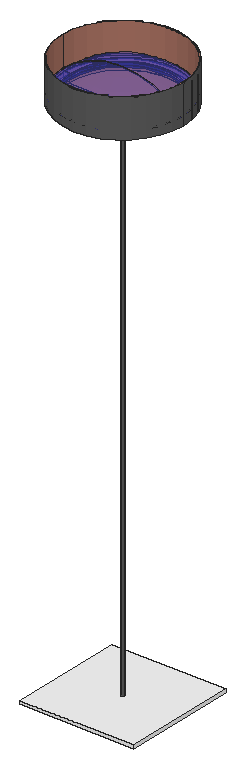
Revit family "BE_51002.6_de_DE", category Leuchten, Revit 2020
Family settings
  Basisbauteil = Fläche
  Bemaßung runder Anschluss = Durchmesser verwenden
  Teiletyp = Normal
  Beim Laden mit Abzugskörper schneiden = Ja
  Lichtquelle = Ja
  Gemeinsam genutzt = Nein
  Raumberechnungspunkt = Ja
Parameters (values of type "BEGA_51002.6_K3")
  built-in parameter 1150104 = 11.757 (stored number, unit not read)
  Wattage = 43.5 W
  Default Elevation = 0 mm
  built-in parameter 1150113 = 1 (stored number, unit not read)
  built-in parameter 1114218 = 1 (stored number, unit not read)
  Umgebungstemperatur = "25 °C"
  URL = "https://www.bega.com/de/produkt/51002.6"
  Typenkommentare = "© 2022 BEGA. Wir behalten uns das Recht vor, technische Änderungen ohne vorherige Ankündigung vorzunehmen."  # constant formula
  built-in parameter 1150134 = (empty or 0)
  built-in parameter 1150109 = 1 (stored number, unit not read)
  Strom = ""
  built-in parameter 1150110 = 1 (stored number, unit not read)
  Spannung = 239.996 V
  Sonderanfertigung = no
  Seriennummer [instance] = "Hier können Sie die eindeutige Seriennummer für das Facility Management eintragen."
  Schutzklasse = "I"
  Schutzart = "IP 20"
  Scheinlast = 0 VA
  Produktdatenblatt = "https://cdn.bega.com/bega/products/51002.6K3/current/documents/data-sheets/de"
  Oberflächentemperatur = ""
  Neigungswinkel = 0.00°
  Modell = "51002.6K3"
  Material_35 = BEGA_Oberfläche_Samtschwarz_matt
  Material_29 = BEGA_Oberfläche_Kupfer_matt
  Material_17 = BEGA_Reflektor
  Material_15 = BEGA_Leuchtmedium_matt
  Material_14 = BEGA_Kunststoff_opal
  Material_11 = BEGA_Glas_opal
  Material_09 = BEGA_Glas_klar
  Material_06 = BEGA_Oberfläche_Edelstahl_gebürstet
  Material_03 = BEGA_Oberfläche_Weiss_matt
  Material_02 = BEGA_Oberfläche_Silber_matt
  Material_01 [instance] = BEGA_Oberfläche_Grafit_matt
  M_W = no
  M_G = no
  M_A = no
  Logo = 0
  built-in parameter 1114217 = 1 (stored number, unit not read)
  built-in parameter 1150139 = (empty or 0)
  built-in parameter 1150105 = 438.07 (stored number, unit not read)
  built-in parameter 1150114 = 1 (stored number, unit not read)
  Lumens = 5504.93 lm
  built-in parameter 1150115 = 1 (stored number, unit not read)
  Leuchtenlichtstrom = "3247 lm"
  Leuchtenanzahl = ""
  Lebensdauerkriterien = "L70B50 @ 25 °C = 200000 h"
  Lastklassifizierung = Beleuchtung
  built-in parameter 1150112 = 1 (stored number, unit not read)
  Lampenlichtstrom = "6435 lm"
  Lampe = "LED 42.6 W"
  LED_Modulbezeichnung = "LED-0630/930"
  Hersteller = "BEGA"  # constant formula
  Halbstreuwinkel = ""
  Gewicht = "5.2 kg"
  Gebrauchslageneinschränkung [instance] = ""
  Frequenz = "0/50-60 Hz"
  Farbwiedergabeindex = "CRI > 90"
  Farbtemperaturverschiebung bei Dämpfen der Lampe = <Keine Auswahl>
  Farbtemperatur = "3000 K"
  Color Filter = 16777215
  built-in parameter 1150133 = 10 (stored number, unit not read)
  Energieeffizienzklasse = "LED A++ - A"
  built-in parameter 1150137 = (empty or 0)
  built-in parameter 1150132 = (empty or 0)
  ENEC = "ja"
  Dimmbar [instance] = "BLE / Zigbee --> DALI"
  Datei für fotometrisches Netz = "BE_51002.6K3.IES"
  CE_Konformität = "ja"
  Bestellnummer = "51002.6K3"
  Beschreibung_Sonderanfertigung = "Hier können Sie Informationen zur Sonderanfertigung eintragen."
  Beschreibung = "Systempendelleuchte"
  built-in parameter 1150106 = 4.3807 (stored number, unit not read)
  Befestigungsbohrung = ""
  Befestigungsabstand = ""
  Ballwurfsicher = ""
  BEGA_Intern_aus = yes
  BEGA_Intern_an = yes
  BEGA_Intern_Konstruktion = yes
  BEGA_Intern = yes
  BEGA_IES = yes
  BEGA_Dummy = no
  Anschlussleitung = ""
  Anschlussleistung [instance] = "47.4 W"
  Anschlusskasten = ""
  built-in parameter 1150107 = 3000 (stored number, unit not read)
  built-in parameter 1150102 = (empty or 0)
  built-in parameter 1150138 = (empty or 0)
  Aktualisierung = "2022-05-19T04:00:07"
  Abstand_zur_angestrahlten_Fläche [instance] = ""
  AC/DC = "AC/DC"
Reference planes
  plane 1 "Mitte (Vorne/Hinten)": y = 0
  plane 2: z = 0
  plane 3 "Mitte (Links/Rechts)": x = 0
  plane 4 "Links": x = -213.964
  plane 5 "Rechts": x = 213.964
  plane 6 "Unten": y = -213.964
  plane 7 "Oben": y = 213.976
  plane 8 "Vorne": z = 2000.001
  plane 9 "Hinten": z = 0
Forms (mm)
  Extrusion 1, solid, material "BEGA_Platte_Weiss"
    sketch origin (0, -1119.2, 0) x (1, 0, 0) y (0, 1, 0)
      loop
        line (-200, 1319.2) -> (-200, 919.2) -> (200, 919.2) -> (200, 1319.2) -> (-200, 1319.2)
    from 0 to -10
  Extrusion 2, solid, material "BEGA_Dummy_matt", visible <- "BEGA_Dummy"
    sketch origin (77.149, -76.023, 0) x (1, 0, 0) y (0, 1, 0)
      loop
        circle (-77.149, 76.023) r 213.964
    from 0 to 2000.001
Dimensions and locks
  plane 1 "Mitte (Vorne/Hinten)" to Extrusion 1 = 200 mm
  aligned and locked: plane 2 to Extrusion 1
  aligned and locked: level to Extrusion 1
Nested families
  nested 1: "BE_51002.6" at (0, 0, 0), type "BE_51002.6"
Connectors
  electrical at (0, 0, 0), driven by "Lastklassifizierung", driven by "Spannung", driven by "Scheinlast"
    settings: index 1, voltage 239.996 V, apparent load 0 VA, apparent load phase1 0 VA, apparent load phase2 0 VA, apparent load phase3 0 VA, power factor 1, load classification "Beleuchtung", number of poles 1, system type 31, power factor state 1, is connector primary yes, connector utility no, sub classification motor no, connector description ""
Definition of nested family "BE_51002.6"
  Parameters (values of type "BE_51002.6")
    Default Elevation = 1 mm
    URL = "http://www.bega.de/de/produkt"
    Type Comments = "© 2015 BEGA. Wir behalten uns das Recht vor, technische Änderungen ohne vorherige Ankündigung vorzunehmen. "  # constant formula
    Type Image = (empty or 0)
    Neigungswinkel_um_Z2 = 0.00°
    Neigungswinkel_um_Z1 = 0.00°
    Neigungswinkel_um_Y2 = 0.00°
    Neigungswinkel_um_Y1 = 0.00°
    Neigungswinkel_um_X2 = 0.00°
    Neigungswinkel_um_X1 = 0.00°
    Material_35 = none
    Material_31 = none
    Material_29 = none
    Material_17 = none
    Material_15 = none
    Material_14 = none
    Material_11 = none
    Material_09 = none
    Material_06 = none
    Material_02 = none
    Material_01 = none
    M_W = yes
    M_G = yes
    M_A = yes
    Länge_Platte = 200 mm  # constant formula
    Höhe_Platte = -10 mm  # constant formula
    Manufacturer = "BEGA"  # constant formula
    Drehwinkel_um_Z2 = 0.00°
    Drehwinkel_um_Z1 = 0.00°
    Breite_Platte = 200 mm  # constant formula
  Reference planes
    plane 1 "Mitte (Oben/Unten)": y = 0
    plane 2: z = 0
    plane 3 "Mitte (Links/Rechts)": x = 0
    plane 4: z = 1999.998
    plane 5: y = 213.976
    plane 6: y = -213.964
    plane 7: x = 213.964
    plane 8: x = -213.964
  Forms (mm)
    Extrusion 1, solid, detail levels medium
      sketch origin (0, 0, 0) x (1, 0, 0) y (0, 1, 0)
        loop
          line (-100, 100) -> (-100, -100) -> (100, -100) -> (100, 100) -> (-100, 100)
      from 0 to -10 <- "Höhe_Platte"
    Revolve 2, solid, material <- "Material_29"
      sketch origin (0, 0, 0) x (1, 0, 0) y (0, 0, 1)
        loop
          line (-213.035, 1999.998) -> (-213.035, 1865.592) -> (-192.238, 1865.592) -> (-192.238, 1856.06) -> (-4.25, 1856.06) -> (-4.25, 1857.5) -> (-191.106, 1857.5) -> (-191.106, 1866.5) -> (-212.064, 1866.5) -> (-212.064, 2000.001) -> (-213.035, 1999.998)
        axis (0, 1856.06) -> (0, 2000.001)
      angle from 0 to 360
    Revolve 3, solid, material <- "Material_35"
      sketch origin (0, 0, 0) x (1, 0, 0) y (0, 0, 1)
        loop
          line (-193.049, 1864.5) -> (-193.049, 1855) -> (-4.25, 1855) -> (-4.25, 1856.06) -> (-192.238, 1856.06) -> (-192.238, 1865.592) -> (-213.035, 1865.592) -> (-213.035, 1999.998) -> (-213.964, 1999.998) -> (-213.964, 1864.5) -> (-193.049, 1864.5)
        axis (0, 1855) -> (0, 1999.998)
      angle from 0 to 360
    Revolve 4, solid, material <- "Material_14"
      sketch origin (0, 0, 0) x (1, 0, 0) y (0, 0, 1)
        loop
          line (0, 1970.176) -> (0, 1974.176)
          arc (0, 1974.176) -> (-110.749, 1954.401) -> (-207.809, 1897.518) r 319.999
          arc (-207.809, 1897.518) -> (-209.887, 1889.933) -> (-203.603, 1885.203) r 7
          line (-203.603, 1885.203) -> (-184, 1884.176) -> (-184, 1878.574) -> (-189.25, 1875.543) -> (-189.25, 1865.676) -> (-185.25, 1865.676) -> (-185.25, 1873.231) -> (-180.1, 1876.204) -> (-180.1, 1885.13)
          arc (-180.1, 1885.13) -> (-180.924, 1887.195) -> (-182.943, 1888.126) r 3
          line (-182.943, 1888.126) -> (-203.435, 1889.2)
          arc (-203.435, 1889.2) -> (-206.099, 1891.216) -> (-205.247, 1894.446) r 3
          arc (-205.247, 1894.446) -> (-109.386, 1950.639) -> (0, 1970.176) r 315.999
        axis (0, 1865.676) -> (0, 1974.176)
      angle from 0 to 360
    Revolve 5, solid, material <- "Material_35"
      sketch origin (0, 0, 0) x (1, 0, 0) y (0, 0, 1)
        loop
          line (-6.5, 1855) -> (-6.5, 0) -> (-4.5, 0) -> (-4.5, 1855) -> (-6.5, 1855)
        axis (0, 1855) -> (0, 0)
      angle from 0 to 360
  Dimensions and locks
    equal spacing: Extrusion 1 sketch curve, plane 3 "Mitte (Links/Rechts)", Extrusion 1 sketch curve
    equal spacing: Extrusion 1 sketch curve, plane 1 "Mitte (Oben/Unten)", Extrusion 1 sketch curve
    "Länge_Platte": Extrusion 1 sketch curve to Extrusion 1 sketch curve
    "Breite_Platte": Extrusion 1 sketch curve to Extrusion 1 sketch curve
    aligned and locked: plane 2 to Extrusion 1
    aligned and locked: level to Extrusion 1
  Automatic sketch dimensions
    Revolve 2 sketch curve to plane 3 "Mitte (Links/Rechts)" = 0 mm
    Revolve 2 sketch curve to plane 3 "Mitte (Links/Rechts)" = 4.25 mm
    Revolve 2 sketch curve to Revolve 2 sketch curve = 1.132 mm
    Revolve 2 sketch curve to Revolve 2 sketch curve = 0.971 mm
    Revolve 2 sketch curve to Revolve 2 sketch curve = 1.44 mm
    Revolve 2 sketch curve to Revolve 2 sketch curve = 9.532 mm
    Revolve 2 sketch curve to Revolve 2 sketch curve = 0.908 mm
    Revolve 2 sketch curve to Revolve 2 sketch curve = 133.498 mm
    Revolve 2 sketch curve to Revolve 2 sketch curve = 0.003 mm
    Revolve 2 sketch curve to Revolve 2 sketch curve = 22.66 mm
    Revolve 2 sketch curve to Revolve 2 sketch curve = 144.501 mm
    Revolve 3 sketch curve to Revolve 3 sketch curve = 0.929 mm
    Revolve 3 sketch curve to Revolve 3 sketch curve = 0.811 mm
    Revolve 3 sketch curve to Revolve 3 sketch curve = 1.06 mm
    Revolve 3 sketch curve to Revolve 3 sketch curve = 9.5 mm
    Revolve 3 sketch curve to Revolve 3 sketch curve = 1.092 mm
    Revolve 3 sketch curve to Revolve 3 sketch curve = 134.406 mm
    Revolve 3 sketch curve to plane 3 "Mitte (Links/Rechts)" = 4.25 mm
    Revolve 4 sketch curve to plane 3 "Mitte (Links/Rechts)" = 0 mm  (x2)
    Revolve 4 sketch curve to plane 3 "Mitte (Links/Rechts)" = 0.001 mm
    plane 3 "Mitte (Links/Rechts)" to Revolve 4 sketch curve = 0 mm
    Revolve 4 sketch curve to Revolve 4 sketch curve = 0.001 mm
    Revolve 4 sketch curve to Revolve 4 sketch curve = 2.562 mm
    Revolve 4 sketch curve to Revolve 4 sketch curve = 75.73 mm
    Revolve 4 sketch curve to Revolve 4 sketch curve = 3.072 mm
    Revolve 4 sketch curve to Revolve 4 sketch curve = 0 mm  (x9)
    Revolve 4 sketch curve to Revolve 4 sketch curve = 1.984 mm
    Revolve 4 sketch curve to Revolve 4 sketch curve = 2.251 mm
    Revolve 4 sketch curve to Revolve 4 sketch curve = 0.172 mm
    Revolve 4 sketch curve to Revolve 4 sketch curve = 3.997 mm
    Revolve 4 sketch curve to Revolve 4 sketch curve = 1.074 mm
    Revolve 4 sketch curve to Revolve 4 sketch curve = 1.057 mm
    Revolve 4 sketch curve to Revolve 4 sketch curve = 3.95 mm
    Revolve 4 sketch curve to Revolve 4 sketch curve = 4 mm
    Revolve 4 sketch curve to Revolve 4 sketch curve = 0.9 mm
    Revolve 4 sketch curve to Revolve 4 sketch curve = 18.5 mm
    Revolve 4 sketch curve to Revolve 4 sketch curve = 0.954 mm
    Revolve 4 sketch curve to Revolve 4 sketch curve = 5.15 mm
    Revolve 4 sketch curve to Revolve 4 sketch curve = 3 mm
    Revolve 4 sketch curve to Revolve 4 sketch curve = 7.555 mm
    Revolve 4 sketch curve to Revolve 4 sketch curve = 2.312 mm
    Revolve 4 sketch curve to Revolve 4 sketch curve = 2.973 mm
    Revolve 4 sketch curve to Revolve 4 sketch curve = 2.37 mm
    Revolve 5 sketch curve to level = 0 mm
    Revolve 5 sketch curve to plane 3 "Mitte (Links/Rechts)" = 6.5 mm
    Revolve 5 sketch curve to plane 3 "Mitte (Links/Rechts)" = 4.5 mm
    Revolve 5 sketch curve to Revolve 5 sketch curve = 1855 mm
    level to Revolve 2 sketch curve = 1856.06 mm
    Revolve 3 sketch curve to plane 3 "Mitte (Links/Rechts)" = 0 mm
    level to Revolve 3 sketch curve = 1855 mm
    Revolve 3 sketch curve to Revolve 3 sketch curve = 21.6 mm
    Revolve 3 sketch curve to Revolve 3 sketch curve = 145.941 mm
    level to Revolve 4 sketch curve = 1654.177 mm
    Revolve 4 sketch curve to Revolve 4 sketch curve = 136.776 mm
    Revolve 4 sketch curve to Revolve 4 sketch curve = 27.825 mm
    Revolve 2 sketch curve to Revolve 2 sketch curve = 186.856 mm
    Revolve 2 sketch curve to Revolve 2 sketch curve = 19.826 mm
    Revolve 3 sketch curve to Revolve 3 sketch curve = 187.988 mm
    Revolve 3 sketch curve to Revolve 3 sketch curve = 19.986 mm
    Revolve 4 sketch curve to plane 3 "Mitte (Links/Rechts)" = 180.1 mm
    Revolve 4 sketch curve to Revolve 4 sketch curve = 20.32 mm
    Revolve 4 sketch curve to Revolve 4 sketch curve = 0.168 mm
